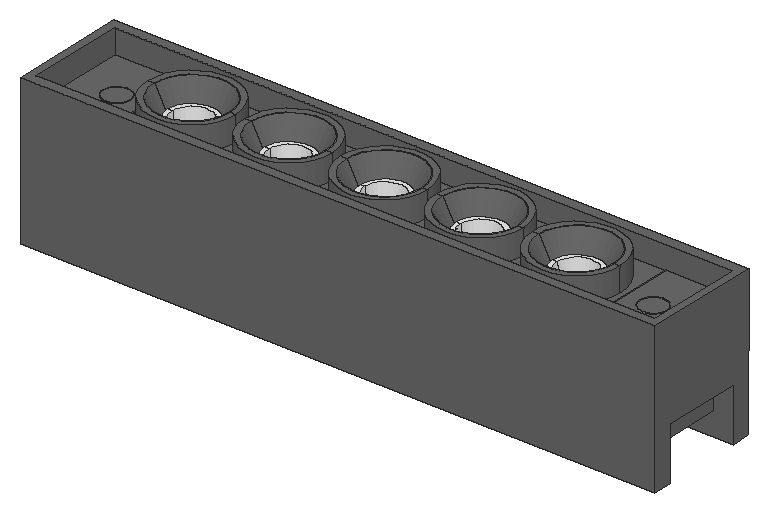
Revit family "ARKOSLIGHT_Black Foster micro 24V", category Lighting Fixtures, host Face, Revit 2019
Family settings
  Host = Face
  Round Connector Dimension = Use Diameter
  Part Type = Normal
  Cut with Voids When Loaded = No
  Light Source = No
  Shared = No
  Room Calculation Point = No
Parameters (values of type "A4152010N - BLACK FOSTER MICRO 24V 5 2700K N")
  URL = "https://www.arkoslight.com/en/product/bfm24v-es/bfm24v1-es/"
  Model = ARKOSLIGHT_Model  # "MINIMAL TRACK"
  Manufacturer = "ARKOSLIGHT"  # constant formula
  IES = IES : A4152010N - BLACK FOSTER MICRO 24V 5 2700K N
  Description = "Not valid for Minimal Track 24V Trimless"
  ARKOSLIGHT_Wattage = 7.8 W
  ARKOSLIGHT_Lampshade_color = ARKOSLIGHT_Black
  ARKOSLIGHT_IP = "20"
  ARKOSLIGHT_Series = "BLACK FOSTER MICRO 24V"  # constant formula
  ARKOSLIGHT_Dimming = "No Dim"
  ARKOSLIGHT_Model = "MINIMAL TRACK"  # constant formula
  ARKOSLIGHT_Reference = "A4152010N"
  ARKOSLIGHT_Luminous flux = 775 lm
  ARKOSLIGHT_IES = "A4152010 BLACK FOSTER MICRO 24V 5 2700K CRI90.ies"
  ARKOSLIGHT_Color = "Matt black"
  ARKOSLIGHT_Fixture Type = "TRACKLIGHTS"  # constant formula
  ARKOSLIGHT_Efficiency = "87%"
  ARKOSLIGHT_CCT = 2700 K
  ARKOSLIGHT_CRI = "CRI>90"
  ARKOSLIGHT_Beam Angle = 37.00°
  ARKOSLIGHT_Body Color = ARKOSLIGHT_Matt black
  Default Elevation = 0 mm
  Apparent Load = ARKOSLIGHT_Apparent Load  # 7 VA
  ARKOSLIGHT_Apparent Load = 7 VA
Types (3, lengths in mm): name | IES | ARKOSLIGHT_Reference | ARKOSLIGHT_Luminous flux | ARKOSLIGHT_IES | ARKOSLIGHT_CCT
  A4152010N - BLACK FOSTER MICRO 24V 5 2700K N | IES : A4152010N - BLACK FOSTER MICRO 24V 5 2700K N | "A4152010N" | 775 lm | "A4152010 BLACK FOSTER MICRO 24V 5 2700K CRI90.ies" | 2700 K
  A4152011N - BLACK FOSTER MICRO 24V 5 3000K N | IES : A4152011N - BLACK FOSTER MICRO 24V 5 3000K N | "A4152011N" | 800 lm | "A4152011 BLACK FOSTER MICRO 24V 5 3000K CRI90.ies" | 3000 K
  A4152012N - BLACK FOSTER MICRO 24V 5 4000K N | IES : A4152012N - BLACK FOSTER MICRO 24V 5 4000K N | "A4152012N" | 850 lm | "A4152012 BLACK FOSTER MICRO 24V 5 4000K CRI90.ies" | 4000 K
Reference planes
  plane 1 "Center (Front/Back)": y = 0
  plane 2: z = 0
  plane 3 "Center (Left/Right)": x = 59.5
  plane 4: x = 119
  plane 5: x = 0
  plane 6: y = 11
  plane 7: y = -11
  plane 8: z = 22
  plane 9: z = 7
  plane 10: z = -6
Forms (mm)
  Extrusion 1, solid, material "ARKOSLIGHT_Black"
    sketch origin (59.5, 0, 0) x (0, 1, 0) y (0, 0, 1)
      loop
        line (-5, 0) -> (5, 0) -> (5, 4) -> (7.5, 4) -> (7.5, 7) -> (-7.5, 7) -> (-7.5, 4) -> (-5, 4) -> (-5, 0)
    from -57.466 to 57.65
  Extrusion 2, solid, material "ARKOSLIGHT_Matt black" <- "ARKOSLIGHT_Body Color"
    sketch origin (119, -221.408, 1212.668) x (0, -1, 0) y (0, 0, 1)
      loop
        line (-232.408, -1190.668) -> (-232.408, -1208.668) -> (-210.408, -1208.668) -> (-210.408, -1190.668) -> (-232.408, -1190.668)
    from 0 to 1.3
  Extrusion 3, solid, material "ARKOSLIGHT_Matt black" <- "ARKOSLIGHT_Body Color"
    sketch origin (-186.022, -4572, 22) x (-1, 0, 0) y (0, -1, 0)
      loop
        line (-303.722, -4581.289) -> (-290.872, -4581.289) -> (-290.872, -4562.722) -> (-303.722, -4562.722) -> (-303.722, -4581.289)
      loop
        circle (-295.975, -4572) r 2.5
    from -4.5 to -5.3
  Extrusion 4, solid, material "ARKOSLIGHT_Matt black" <- "ARKOSLIGHT_Body Color"
    sketch origin (-186.022, -4572, 22) x (-1, 0, 0) y (0, -1, 0)
      loop
        circle (-295.975, -4572) r 2.5
    from -4.5 to -5.3
  Extrusion 5, solid, material "ARKOSLIGHT_Matt black" <- "ARKOSLIGHT_Body Color"
    sketch origin (0, -221.408, 1212.668) x (0, -1, 0) y (0, 0, -1)
      loop
        line (-232.408, 1190.668) -> (-210.408, 1190.668) -> (-210.408, 1208.668) -> (-232.408, 1208.668) -> (-232.408, 1190.668)
    from 0 to 1.526
  Extrusion 6, solid, material "ARKOSLIGHT_Matt black" <- "ARKOSLIGHT_Body Color"
    sketch origin (436.021, -4572, 22) x (1, 0, 0) y (0, 1, 0)
      loop
        line (-434.496, 4581.3) -> (-434.496, 4562.7) -> (-421.646, 4562.7) -> (-421.646, 4581.3) -> (-434.496, 4581.3)
      loop
        circle (-426.799, 4572) r 2.5
    from -4.5 to -5.3
  Extrusion 7, solid, material "ARKOSLIGHT_Matt black" <- "ARKOSLIGHT_Body Color"
    sketch origin (436.021, -4572, 22) x (1, 0, 0) y (0, 1, 0)
      loop
        circle (-426.799, 4572) r 2.5
    from -4.5 to -5.3
  Extrusion 8, solid, material "ARKOSLIGHT_Matt black" <- "ARKOSLIGHT_Body Color"
    sketch origin (59.5, 0, 0) x (0, 1, 0) y (0, 0, 1)
      loop
        line (11, 22) -> (9.3, 22) -> (9.3, 9.134) -> (7.5, 9.134) -> (7.5, -6) -> (11, -6) -> (11, 22)
    from -59.5 to 59.5
  Extrusion 9, solid, material "ARKOSLIGHT_Matt black" <- "ARKOSLIGHT_Body Color"
    sketch origin (59.5, 0, 0) x (0, -1, 0) y (0, 0, -1)
      loop
        line (11, -22) -> (11, 6) -> (7.5, 6) -> (7.5, -9.134) -> (9.3, -9.134) -> (9.3, -22) -> (11, -22)
    from -59.5 to 59.5
  Extrusion 10, solid, material "ARKOSLIGHT_Matt black" <- "ARKOSLIGHT_Body Color"
    sketch origin (0, 0, 0) x (1, 0, 0) y (0, 1, 0)
      loop
        line (14.375, 9.3) -> (14.375, -9.278) -> (104.85, -9.278) -> (104.85, 9.3) -> (14.375, 9.3)
    from 16.7 to 17.5
  Extrusion 11, solid, material "ARKOSLIGHT_Light"
    sketch origin (-120.254, -4572, 22.508) x (-1, 0, 0) y (0, -1, 0)
      loop
        circle (-215.84, -4572) r 1.6
    from -11.574 to -10.774
  Extrusion 12, void
    sketch origin (-119.902, -4572, 22.508) x (0, -1, 0) y (-1, 0, 0)
      loop
        circle (-4572, -197.397) r 8.2
    from 13.729 to 0
  Revolve 13, solid, material "ARKOSLIGHT_Black" <- "ARKOSLIGHT_Lampshade_color"
    sketch origin (59.148, 0, 21.532) x (1, 0, 0) y (0, 0, 1)
      loop
        line (44.613, 0.468) -> (43.471, 0.468) -> (44.203, -0.264) -> (41.94, -4.521) -> (41.121, -4.521) -> (41.121, -7.091) -> (44.613, -7.091) -> (44.613, 0.468)
      axis (36.438, -7.091) -> (36.438, 0.468)
    angle from 0 to 360
  Revolve 14, solid, material "ARKOSLIGHT_Black" <- "ARKOSLIGHT_Lampshade_color"
    sketch origin (59.148, 0, 21.532) x (1, 0, 0) y (0, 0, 1)
      loop
        line (43.471, 0.468) -> (40.819, -4.521) -> (41.94, -4.521) -> (44.203, -0.264) -> (43.471, 0.468)
      axis (36.438, -4.521) -> (36.438, 0.468)
    angle from 0 to 360
  Revolve 15, solid, material "ARKOSLIGHT_Light"
    sketch origin (59.148, 0, 21.532) x (1, 0, 0) y (0, 0, 1)
      loop
        line (38.038, -9.798) -> (38.038, -10.598) -> (36.438, -10.598) -> (36.438, -11.398) -> (38.724, -11.398) -> (38.724, -10.21)
        arc (38.724, -10.21) -> (40.304, -6.767) -> (40.869, -3.021) r 13.562
        line (40.869, -3.021) -> (40.069, -3.021)
        arc (40.069, -3.021) -> (39.533, -6.553) -> (38.038, -9.798) r 12.762
      axis (36.438, -11.398) -> (36.438, -3.021)
    angle from 0 to 360
  Revolve 16, solid, material "ARKOSLIGHT_Black" <- "ARKOSLIGHT_Lampshade_color"
    sketch origin (41.057, 0, 21.532) x (1, 0, 0) y (0, 0, 1)
      loop
        line (44.613, 0.468) -> (43.471, 0.468) -> (44.203, -0.264) -> (41.94, -4.521) -> (41.121, -4.521) -> (41.121, -7.091) -> (44.613, -7.091) -> (44.613, 0.468)
      axis (36.438, -7.091) -> (36.438, 0.468)
    angle from 0 to 360
  Revolve 17, solid, material "ARKOSLIGHT_Black" <- "ARKOSLIGHT_Lampshade_color"
    sketch origin (41.057, 0, 21.532) x (1, 0, 0) y (0, 0, 1)
      loop
        line (43.471, 0.468) -> (40.819, -4.521) -> (41.94, -4.521) -> (44.203, -0.264) -> (43.471, 0.468)
      axis (36.438, -4.521) -> (36.438, 0.468)
    angle from 0 to 360
  Revolve 18, solid, material "ARKOSLIGHT_Light"
    sketch origin (41.057, 0, 21.532) x (1, 0, 0) y (0, 0, 1)
      loop
        line (38.038, -9.798) -> (38.038, -10.598) -> (36.438, -10.598) -> (36.438, -11.398) -> (38.724, -11.398) -> (38.724, -10.21)
        arc (38.724, -10.21) -> (40.304, -6.767) -> (40.869, -3.021) r 13.562
        line (40.869, -3.021) -> (40.069, -3.021)
        arc (40.069, -3.021) -> (39.533, -6.553) -> (38.038, -9.798) r 12.762
      axis (36.438, -11.398) -> (36.438, -3.021)
    angle from 0 to 360
  Revolve 19, solid, material "ARKOSLIGHT_Black" <- "ARKOSLIGHT_Lampshade_color"
    sketch origin (23.061, 0, 21.532) x (1, 0, 0) y (0, 0, 1)
      loop
        line (44.613, 0.468) -> (43.471, 0.468) -> (44.203, -0.264) -> (41.94, -4.521) -> (41.121, -4.521) -> (41.121, -7.091) -> (44.613, -7.091) -> (44.613, 0.468)
      axis (36.438, -7.091) -> (36.438, 0.468)
    angle from 0 to 360
  Revolve 20, solid, material "ARKOSLIGHT_Black" <- "ARKOSLIGHT_Lampshade_color"
    sketch origin (23.061, 0, 21.532) x (1, 0, 0) y (0, 0, 1)
      loop
        line (43.471, 0.468) -> (40.819, -4.521) -> (41.94, -4.521) -> (44.203, -0.264) -> (43.471, 0.468)
      axis (36.438, -4.521) -> (36.438, 0.468)
    angle from 0 to 360
  Revolve 21, solid, material "ARKOSLIGHT_Light"
    sketch origin (23.061, 0, 21.532) x (1, 0, 0) y (0, 0, 1)
      loop
        line (38.038, -9.798) -> (38.038, -10.598) -> (36.438, -10.598) -> (36.438, -11.398) -> (38.724, -11.398) -> (38.724, -10.21)
        arc (38.724, -10.21) -> (40.304, -6.767) -> (40.869, -3.021) r 13.562
        line (40.869, -3.021) -> (40.069, -3.021)
        arc (40.069, -3.021) -> (39.533, -6.553) -> (38.038, -9.798) r 12.762
      axis (36.438, -11.398) -> (36.438, -3.021)
    angle from 0 to 360
  Revolve 22, solid, material "ARKOSLIGHT_Black" <- "ARKOSLIGHT_Lampshade_color"
    sketch origin (5.142, 0, 21.532) x (1, 0, 0) y (0, 0, 1)
      loop
        line (44.613, 0.468) -> (43.471, 0.468) -> (44.203, -0.264) -> (41.94, -4.521) -> (41.121, -4.521) -> (41.121, -7.091) -> (44.613, -7.091) -> (44.613, 0.468)
      axis (36.438, -7.091) -> (36.438, 0.468)
    angle from 0 to 360
  Revolve 23, solid, material "ARKOSLIGHT_Black" <- "ARKOSLIGHT_Lampshade_color"
    sketch origin (5.142, 0, 21.532) x (1, 0, 0) y (0, 0, 1)
      loop
        line (43.471, 0.468) -> (40.819, -4.521) -> (41.94, -4.521) -> (44.203, -0.264) -> (43.471, 0.468)
      axis (36.438, -4.521) -> (36.438, 0.468)
    angle from 0 to 360
  Revolve 24, solid, material "ARKOSLIGHT_Light"
    sketch origin (5.142, 0, 21.532) x (1, 0, 0) y (0, 0, 1)
      loop
        line (38.038, -9.798) -> (38.038, -10.598) -> (36.438, -10.598) -> (36.438, -11.398) -> (38.724, -11.398) -> (38.724, -10.21)
        arc (38.724, -10.21) -> (40.304, -6.767) -> (40.869, -3.021) r 13.562
        line (40.869, -3.021) -> (40.069, -3.021)
        arc (40.069, -3.021) -> (39.533, -6.553) -> (38.038, -9.798) r 12.762
      axis (36.438, -11.398) -> (36.438, -3.021)
    angle from 0 to 360
  Revolve 25, solid, material "ARKOSLIGHT_Black" <- "ARKOSLIGHT_Lampshade_color"
    sketch origin (-13.046, 0, 21.532) x (1, 0, 0) y (0, 0, 1)
      loop
        line (44.613, 0.468) -> (43.471, 0.468) -> (44.203, -0.264) -> (41.94, -4.521) -> (41.121, -4.521) -> (41.121, -7.091) -> (44.613, -7.091) -> (44.613, 0.468)
      axis (36.438, -7.091) -> (36.438, 0.468)
    angle from 0 to 360
  Revolve 26, solid, material "ARKOSLIGHT_Black" <- "ARKOSLIGHT_Lampshade_color"
    sketch origin (-13.046, 0, 21.532) x (1, 0, 0) y (0, 0, 1)
      loop
        line (43.471, 0.468) -> (40.819, -4.521) -> (41.94, -4.521) -> (44.203, -0.264) -> (43.471, 0.468)
      axis (36.438, -4.521) -> (36.438, 0.468)
    angle from 0 to 360
  Revolve 27, solid, material "ARKOSLIGHT_Light"
    sketch origin (-13.046, 0, 21.532) x (1, 0, 0) y (0, 0, 1)
      loop
        line (38.038, -9.798) -> (38.038, -10.598) -> (36.438, -10.598) -> (36.438, -11.398) -> (38.724, -11.398) -> (38.724, -10.21)
        arc (38.724, -10.21) -> (40.304, -6.767) -> (40.869, -3.021) r 13.562
        line (40.869, -3.021) -> (40.069, -3.021)
        arc (40.069, -3.021) -> (39.533, -6.553) -> (38.038, -9.798) r 12.762
      axis (36.438, -11.398) -> (36.438, -3.021)
    angle from 0 to 360
  Extrusion 28, solid, material "ARKOSLIGHT_Light"
    sketch origin (-138.345, -4572, 22.508) x (-1, 0, 0) y (0, -1, 0)
      loop
        circle (-215.84, -4572) r 1.6
    from -11.574 to -10.774
  Extrusion 29, solid, material "ARKOSLIGHT_Light"
    sketch origin (-156.341, -4572, 22.508) x (-1, 0, 0) y (0, -1, 0)
      loop
        circle (-215.84, -4572) r 1.6
    from -11.574 to -10.774
  Extrusion 30, solid, material "ARKOSLIGHT_Light"
    sketch origin (-174.261, -4572, 22.508) x (-1, 0, 0) y (0, -1, 0)
      loop
        circle (-215.84, -4572) r 1.6
    from -11.574 to -10.774
  Extrusion 31, solid, material "ARKOSLIGHT_Light"
    sketch origin (-192.448, -4572, 22.508) x (-1, 0, 0) y (0, -1, 0)
      loop
        circle (-215.84, -4572) r 1.6
    from -11.574 to -10.774
  Extrusion 32, void
    sketch origin (-101.81, -4572, 22.508) x (0, -1, 0) y (-1, 0, 0)
      loop
        circle (-4572, -197.397) r 8.2
    from 13.729 to 0
  Extrusion 33, void
    sketch origin (-137.785, -4572, 22.508) x (0, -1, 0) y (-1, 0, 0)
      loop
        circle (-4572, -197.285) r 8.2
    from 13.729 to 0
  Extrusion 34, void
    sketch origin (-155.817, -4572, 22.508) x (0, -1, 0) y (-1, 0, 0)
      loop
        circle (-4572, -197.397) r 8.2
    from 13.729 to 0
  Extrusion 35, void
    sketch origin (-174.005, -4572, 22.508) x (0, -1, 0) y (-1, 0, 0)
      loop
        circle (-4572, -197.397) r 8.181
    from 13.729 to 0
Cuts and joins
  joined: Extrusion 2, Extrusion 3, Extrusion 5, Extrusion 6, Extrusion 8, Extrusion 9
  Extrusion 12, Extrusion 32, Extrusion 33, Extrusion 34, Extrusion 35 cuts Extrusion 10
  Extrusion 32 cuts Revolve 16
  Extrusion 32 cuts Revolve 17
  Extrusion 32 cuts Revolve 18
  Extrusion 32 cuts Extrusion 28
  Extrusion 33 cuts Extrusion 11
  Extrusion 33 cuts Revolve 13
  Extrusion 33 cuts Revolve 14
  Extrusion 33 cuts Revolve 15
  Extrusion 34 cuts Revolve 19
  Extrusion 34 cuts Revolve 20
  Extrusion 34 cuts Revolve 21
  Extrusion 34 cuts Extrusion 29
  Extrusion 35 cuts Revolve 22
  Extrusion 35 cuts Revolve 23
  Extrusion 35 cuts Revolve 24
  Extrusion 35 cuts Extrusion 30
Dimensions and locks
  locked: plane 5 to plane 4 at 119
  equal spacing: plane 6, plane 1 "Center (Front/Back)", plane 7
  locked: plane 6 to plane 7 at 22
  locked: plane 8 to plane 10 at 28
  equal spacing: plane 5, plane 3 "Center (Left/Right)", plane 4
  locked: plane 9 to plane 2 at 7
  equal spacing: Extrusion 1 sketch curve, plane 1 "Center (Front/Back)", Extrusion 1 sketch curve  (x2)
  locked: Extrusion 1 sketch curve to Extrusion 1 sketch curve at 15
  locked: Extrusion 1 sketch curve to Extrusion 1 sketch curve at 10
  locked: plane 2 to plane 10 at 6
  locked: plane 9 to Extrusion 2 sketch curve at 3
  Extrusion 1 sketch curve to Extrusion 1 sketch curve to Extrusion 1 sketch curve = 4 mm, 3 mm
  aligned and locked: plane 2 to host face
  aligned and locked: level to host face
  aligned and locked: Extrusion 1 sketch curve to Extrusion 1 sketch curve
  aligned and locked: plane 8 to Extrusion 2 sketch curve
  aligned and locked: plane 7 to Extrusion 2 sketch curve
  aligned and locked: plane 6 to Extrusion 2 sketch curve
  aligned and locked: Extrusion 2 to Extrusion 3 sketch curve
  aligned and locked: plane 1 "Center (Front/Back)" to Extrusion 3 sketch curve
  aligned and locked: Extrusion 5 to Extrusion 6 sketch curve
  aligned and locked: plane 6 to Extrusion 5
  aligned and locked: Extrusion 5 to plane 7
  aligned and locked: plane 8 to Extrusion 8 sketch curve
  aligned and locked: plane 6 to Extrusion 8 sketch curve
  aligned and locked: Extrusion 9 to plane 5
  aligned and locked: Extrusion 9 to plane 4
  aligned and locked: Extrusion 8 to plane 4
  aligned and locked: Extrusion 8 to plane 5
  aligned and locked: Extrusion 6 to Extrusion 8
  aligned and locked: Extrusion 6 to Extrusion 9
  aligned and locked: cut or joined group of Extrusion 2, Extrusion 3, Extrusion 5, Extrusion 6, Extrusion 8, Extrusion 9 to Extrusion 10 sketch curve  (x2)
  aligned and locked: Extrusion 10 sketch curve to cut or joined group of Extrusion 2, Extrusion 3, Extrusion 5, Extrusion 6, Extrusion 8, Extrusion 9  (x2)
  aligned and locked: Extrusion 10 to Extrusion 4
  aligned and locked: Extrusion 4 to Extrusion 10
  aligned and locked: plane 3 "Center (Left/Right)" to Extrusion 33 sketch curve
  aligned and locked: plane 1 "Center (Front/Back)" to Extrusion 33 sketch curve
Automatic sketch dimensions
  host sketch curve to host sketch curve = 2438.4 mm  (x2)
  Extrusion 1 sketch curve to level = 0 mm
  plane 4 to Extrusion 3 sketch curve = 9.047 mm
  plane 7 to Extrusion 3 sketch curve = 1.722 mm
  Extrusion 3 sketch curve to Extrusion 3 sketch curve = 5.103 mm
  Extrusion 3 sketch curve to plane 6 = 1.711 mm
  plane 1 "Center (Front/Back)" to Extrusion 4 sketch curve = 0 mm
  plane 4 to Extrusion 4 sketch curve = 9.047 mm
  Extrusion 5 sketch curve to plane 6 = 0 mm
  Extrusion 5 sketch curve to plane 7 = 0 mm
  Extrusion 5 sketch curve to plane 8 = 0 mm
  Extrusion 5 sketch curve to plane 9 = 3 mm
  plane 1 "Center (Front/Back)" to Extrusion 6 sketch curve = 0 mm
  plane 5 to Extrusion 6 sketch curve = 9.223 mm
  plane 7 to Extrusion 6 sketch curve = 1.7 mm
  Extrusion 6 sketch curve to Extrusion 6 sketch curve = 5.153 mm
  Extrusion 6 sketch curve to plane 6 = 1.7 mm
  plane 1 "Center (Front/Back)" to Extrusion 7 sketch curve = 0 mm
  plane 5 to Extrusion 7 sketch curve = 9.223 mm
  Extrusion 8 sketch curve to plane 10 = 0 mm
  Extrusion 8 sketch curve to plane 6 = 1.7 mm
  Extrusion 8 sketch curve to plane 6 = 3.5 mm
  plane 9 to Extrusion 8 sketch curve = 2.134 mm
  Extrusion 9 sketch curve to plane 10 = 0 mm
  Extrusion 9 sketch curve to plane 8 = 0 mm
  Extrusion 9 sketch curve to plane 7 = 0 mm
  Extrusion 9 sketch curve to Extrusion 9 sketch curve = 1.7 mm
  Extrusion 9 sketch curve to Extrusion 9 sketch curve = 3.5 mm
  Extrusion 9 sketch curve to plane 9 = 2.134 mm
  plane 1 "Center (Front/Back)" to Extrusion 11 sketch curve = 0 mm
  plane 4 to Extrusion 11 sketch curve = 23.413 mm
  plane 1 "Center (Front/Back)" to Extrusion 12 sketch curve = 0 mm
  plane 3 "Center (Left/Right)" to Extrusion 12 sketch curve = 17.995 mm
  Revolve 13 sketch curve to plane 8 = 0 mm
  Revolve 13 sketch curve to plane 8 = 4.989 mm
  plane 4 to Revolve 13 sketch curve = 18.73 mm
  Revolve 13 sketch curve to Revolve 13 sketch curve = 0.819 mm
  Revolve 13 sketch curve to Revolve 13 sketch curve = 1.531 mm
  Revolve 13 sketch curve to plane 8 = 0.732 mm
  Revolve 13 sketch curve to Revolve 13 sketch curve = 0.732 mm
  Revolve 13 sketch curve to Revolve 13 sketch curve = 3.492 mm
  Revolve 13 sketch curve to Revolve 13 sketch curve = 2.57 mm
  Revolve 13 sketch curve to Revolve 13 sketch curve = 4.683 mm
  plane 9 to Revolve 13 sketch curve = 3.498 mm
  plane 8 to Revolve 13 sketch curve = 42.776 mm
  Revolve 14 sketch curve to plane 8 = 0 mm
  Revolve 14 sketch curve to plane 8 = 4.989 mm
  plane 4 to Revolve 14 sketch curve = 19.033 mm
  Revolve 14 sketch curve to Revolve 14 sketch curve = 1.121 mm
  Revolve 14 sketch curve to Revolve 14 sketch curve = 1.531 mm
  Revolve 14 sketch curve to plane 8 = 0.732 mm
  Revolve 14 sketch curve to Revolve 14 sketch curve = 0.732 mm
  plane 9 to Revolve 14 sketch curve = 3.498 mm
  Revolve 14 sketch curve to Revolve 14 sketch curve = 4.38 mm
  plane 8 to Revolve 14 sketch curve = 42.776 mm
  Revolve 15 sketch curve to Revolve 15 sketch curve = 0 mm  (x2)
  Revolve 15 sketch curve to plane 8 = 3.358 mm
  plane 3 "Center (Left/Right)" to Revolve 15 sketch curve = 26.956 mm
  plane 9 to Revolve 15 sketch curve = 3.934 mm
  Revolve 15 sketch curve to Revolve 15 sketch curve = 9.131 mm
  Revolve 15 sketch curve to Revolve 15 sketch curve = 1.6 mm
  Revolve 15 sketch curve to Revolve 15 sketch curve = 0.686 mm
  Revolve 15 sketch curve to plane 8 = 3.489 mm
  Revolve 15 sketch curve to Revolve 15 sketch curve = 2.031 mm
  Revolve 15 sketch curve to Revolve 15 sketch curve = 0.8 mm  (x2)
  plane 4 to Revolve 15 sketch curve = 23.413 mm
  Revolve 15 sketch curve to Revolve 15 sketch curve = 0.364 mm
  plane 8 to Revolve 15 sketch curve = 45.488 mm
  Revolve 16 sketch curve to plane 8 = 0 mm
  Revolve 16 sketch curve to plane 8 = 4.989 mm
  plane 3 "Center (Left/Right)" to Revolve 16 sketch curve = 22.678 mm
  Revolve 16 sketch curve to Revolve 16 sketch curve = 0.819 mm
  Revolve 16 sketch curve to Revolve 16 sketch curve = 1.531 mm
  Revolve 16 sketch curve to plane 8 = 0.732 mm
  Revolve 16 sketch curve to Revolve 16 sketch curve = 0.732 mm
  Revolve 16 sketch curve to Revolve 16 sketch curve = 3.492 mm
  Revolve 16 sketch curve to Revolve 16 sketch curve = 2.57 mm
  Revolve 16 sketch curve to Revolve 16 sketch curve = 4.683 mm
  plane 9 to Revolve 16 sketch curve = 3.498 mm
  plane 8 to Revolve 16 sketch curve = 42.776 mm
  Revolve 17 sketch curve to plane 8 = 0 mm
  Revolve 17 sketch curve to plane 8 = 4.989 mm
  plane 3 "Center (Left/Right)" to Revolve 17 sketch curve = 22.376 mm
  Revolve 17 sketch curve to Revolve 17 sketch curve = 1.121 mm
  Revolve 17 sketch curve to Revolve 17 sketch curve = 1.531 mm
  Revolve 17 sketch curve to plane 8 = 0.732 mm
  Revolve 17 sketch curve to Revolve 17 sketch curve = 0.732 mm
  plane 9 to Revolve 17 sketch curve = 3.498 mm
  Revolve 17 sketch curve to Revolve 17 sketch curve = 4.38 mm
  plane 8 to Revolve 17 sketch curve = 42.776 mm
  Revolve 18 sketch curve to Revolve 18 sketch curve = 0 mm  (x2)
  Revolve 18 sketch curve to plane 8 = 3.358 mm
  plane 3 "Center (Left/Right)" to Revolve 18 sketch curve = 8.865 mm
  plane 9 to Revolve 18 sketch curve = 3.934 mm
  Revolve 18 sketch curve to Revolve 18 sketch curve = 9.131 mm
  Revolve 18 sketch curve to Revolve 18 sketch curve = 1.6 mm
  Revolve 18 sketch curve to Revolve 18 sketch curve = 0.686 mm
  Revolve 18 sketch curve to plane 8 = 3.489 mm
  Revolve 18 sketch curve to Revolve 18 sketch curve = 2.031 mm
  Revolve 18 sketch curve to Revolve 18 sketch curve = 0.8 mm  (x2)
  plane 3 "Center (Left/Right)" to Revolve 18 sketch curve = 17.995 mm
  Revolve 18 sketch curve to Revolve 18 sketch curve = 0.364 mm
  plane 8 to Revolve 18 sketch curve = 45.488 mm
  Revolve 19 sketch curve to plane 8 = 0 mm
  plane 3 "Center (Left/Right)" to Revolve 19 sketch curve = 4.683 mm
  Revolve 19 sketch curve to Revolve 19 sketch curve = 0.819 mm
  Revolve 19 sketch curve to Revolve 19 sketch curve = 1.531 mm
  Revolve 19 sketch curve to plane 8 = 0.732 mm
  Revolve 19 sketch curve to Revolve 19 sketch curve = 0.732 mm
  Revolve 19 sketch curve to Revolve 19 sketch curve = 3.492 mm
  Revolve 19 sketch curve to Revolve 19 sketch curve = 4.257 mm
  Revolve 19 sketch curve to Revolve 19 sketch curve = 2.57 mm
  plane 3 "Center (Left/Right)" to Revolve 19 sketch curve = 0 mm
  plane 9 to Revolve 19 sketch curve = 3.498 mm
  plane 8 to Revolve 19 sketch curve = 42.776 mm
  Revolve 20 sketch curve to plane 8 = 0 mm
  plane 3 "Center (Left/Right)" to Revolve 20 sketch curve = 4.38 mm
  Revolve 20 sketch curve to Revolve 20 sketch curve = 1.121 mm
  Revolve 20 sketch curve to Revolve 20 sketch curve = 1.531 mm
  Revolve 20 sketch curve to plane 8 = 0.732 mm
  Revolve 20 sketch curve to Revolve 20 sketch curve = 0.732 mm
  Revolve 20 sketch curve to plane 8 = 4.989 mm
  plane 3 "Center (Left/Right)" to Revolve 20 sketch curve = 0 mm
  plane 9 to Revolve 20 sketch curve = 3.498 mm
  plane 8 to Revolve 20 sketch curve = 42.776 mm
  Revolve 21 sketch curve to Revolve 21 sketch curve = 0 mm  (x2)
  Revolve 21 sketch curve to plane 8 = 3.358 mm
  Revolve 21 sketch curve to plane 3 "Center (Left/Right)" = 9.131 mm
  plane 3 "Center (Left/Right)" to Revolve 21 sketch curve = 0 mm  (x2)
  Revolve 21 sketch curve to Revolve 21 sketch curve = 1.6 mm
  Revolve 21 sketch curve to Revolve 21 sketch curve = 0.686 mm
  plane 3 "Center (Left/Right)" to Revolve 21 sketch curve = 3.631 mm
  Revolve 21 sketch curve to Revolve 21 sketch curve = 0.8 mm  (x3)
  Revolve 21 sketch curve to plane 8 = 3.489 mm
  Revolve 21 sketch curve to Revolve 21 sketch curve = 0.364 mm
  plane 8 to Revolve 21 sketch curve = 45.488 mm
  Revolve 22 sketch curve to plane 8 = 0 mm
  Revolve 22 sketch curve to plane 8 = 4.989 mm
  Revolve 22 sketch curve to plane 3 "Center (Left/Right)" = 13.237 mm
  Revolve 22 sketch curve to Revolve 22 sketch curve = 0.819 mm
  Revolve 22 sketch curve to Revolve 22 sketch curve = 1.531 mm
  Revolve 22 sketch curve to plane 8 = 0.732 mm
  Revolve 22 sketch curve to Revolve 22 sketch curve = 0.732 mm
  Revolve 22 sketch curve to Revolve 22 sketch curve = 3.492 mm
  Revolve 22 sketch curve to Revolve 22 sketch curve = 2.57 mm
  Revolve 22 sketch curve to Revolve 22 sketch curve = 4.683 mm
  plane 9 to Revolve 22 sketch curve = 3.498 mm
  plane 8 to Revolve 22 sketch curve = 42.776 mm
  Revolve 23 sketch curve to plane 8 = 0 mm
  Revolve 23 sketch curve to plane 8 = 4.989 mm
  Revolve 23 sketch curve to plane 3 "Center (Left/Right)" = 13.54 mm
  Revolve 23 sketch curve to Revolve 23 sketch curve = 1.121 mm
  Revolve 23 sketch curve to Revolve 23 sketch curve = 1.531 mm
  Revolve 23 sketch curve to plane 8 = 0.732 mm
  Revolve 23 sketch curve to Revolve 23 sketch curve = 0.732 mm
  plane 9 to Revolve 23 sketch curve = 3.498 mm
  Revolve 23 sketch curve to Revolve 23 sketch curve = 4.38 mm
  plane 8 to Revolve 23 sketch curve = 42.776 mm
  Revolve 24 sketch curve to Revolve 24 sketch curve = 0 mm  (x2)
  Revolve 24 sketch curve to plane 8 = 3.358 mm
  Revolve 24 sketch curve to plane 3 "Center (Left/Right)" = 27.05 mm
  plane 9 to Revolve 24 sketch curve = 3.934 mm
  Revolve 24 sketch curve to Revolve 24 sketch curve = 9.131 mm
  Revolve 24 sketch curve to Revolve 24 sketch curve = 1.6 mm
  Revolve 24 sketch curve to Revolve 24 sketch curve = 0.686 mm
  Revolve 24 sketch curve to plane 8 = 3.489 mm
  Revolve 24 sketch curve to Revolve 24 sketch curve = 2.031 mm
  Revolve 24 sketch curve to Revolve 24 sketch curve = 0.8 mm  (x2)
  Revolve 24 sketch curve to plane 3 "Center (Left/Right)" = 17.92 mm
  Revolve 24 sketch curve to Revolve 24 sketch curve = 0.364 mm
  plane 8 to Revolve 24 sketch curve = 45.488 mm
  Revolve 25 sketch curve to plane 8 = 0 mm
  Revolve 25 sketch curve to plane 8 = 4.989 mm
  plane 5 to Revolve 25 sketch curve = 28.075 mm
  Revolve 25 sketch curve to Revolve 25 sketch curve = 0.819 mm
  Revolve 25 sketch curve to Revolve 25 sketch curve = 1.531 mm
  Revolve 25 sketch curve to plane 8 = 0.732 mm
  Revolve 25 sketch curve to Revolve 25 sketch curve = 0.732 mm
  Revolve 25 sketch curve to Revolve 25 sketch curve = 3.492 mm
  Revolve 25 sketch curve to Revolve 25 sketch curve = 2.57 mm
  Revolve 25 sketch curve to Revolve 25 sketch curve = 4.683 mm
  plane 9 to Revolve 25 sketch curve = 3.498 mm
  plane 8 to Revolve 25 sketch curve = 42.776 mm
  Revolve 26 sketch curve to plane 8 = 0 mm
  Revolve 26 sketch curve to plane 8 = 4.989 mm
  plane 5 to Revolve 26 sketch curve = 27.773 mm
  Revolve 26 sketch curve to Revolve 26 sketch curve = 1.121 mm
  Revolve 26 sketch curve to Revolve 26 sketch curve = 1.531 mm
  Revolve 26 sketch curve to plane 8 = 0.732 mm
  Revolve 26 sketch curve to Revolve 26 sketch curve = 0.732 mm
  plane 9 to Revolve 26 sketch curve = 3.498 mm
  Revolve 26 sketch curve to Revolve 26 sketch curve = 4.38 mm
  plane 8 to Revolve 26 sketch curve = 42.776 mm
  Revolve 27 sketch curve to Revolve 27 sketch curve = 0 mm  (x2)
  Revolve 27 sketch curve to plane 8 = 3.358 mm
  plane 5 to Revolve 27 sketch curve = 14.262 mm
  plane 9 to Revolve 27 sketch curve = 3.934 mm
  Revolve 27 sketch curve to Revolve 27 sketch curve = 9.131 mm
  Revolve 27 sketch curve to Revolve 27 sketch curve = 1.6 mm
  Revolve 27 sketch curve to Revolve 27 sketch curve = 0.686 mm
  Revolve 27 sketch curve to plane 8 = 3.489 mm
  Revolve 27 sketch curve to Revolve 27 sketch curve = 2.031 mm
  Revolve 27 sketch curve to Revolve 27 sketch curve = 0.8 mm  (x2)
  plane 5 to Revolve 27 sketch curve = 23.392 mm
  Revolve 27 sketch curve to Revolve 27 sketch curve = 0.364 mm
  plane 8 to Revolve 27 sketch curve = 45.488 mm
  plane 1 "Center (Front/Back)" to Extrusion 28 sketch curve = 0 mm
  plane 3 "Center (Left/Right)" to Extrusion 28 sketch curve = 17.995 mm
  plane 1 "Center (Front/Back)" to Extrusion 29 sketch curve = 0 mm
  plane 3 "Center (Left/Right)" to Extrusion 29 sketch curve = 0 mm
  plane 1 "Center (Front/Back)" to Extrusion 30 sketch curve = 0 mm
  Extrusion 30 sketch curve to plane 3 "Center (Left/Right)" = 17.92 mm
  plane 1 "Center (Front/Back)" to Extrusion 31 sketch curve = 0 mm
  plane 5 to Extrusion 31 sketch curve = 23.392 mm
  plane 1 "Center (Front/Back)" to Extrusion 32 sketch curve = 0 mm
  plane 4 to Extrusion 32 sketch curve = 23.413 mm
  plane 1 "Center (Front/Back)" to Extrusion 34 sketch curve = 0 mm
  Extrusion 34 sketch curve to plane 3 "Center (Left/Right)" = 17.92 mm
  plane 1 "Center (Front/Back)" to Extrusion 35 sketch curve = 0 mm
  plane 5 to Extrusion 35 sketch curve = 23.392 mm
  radius of Extrusion 3 sketch curve = 2.5 mm
  radius of Extrusion 4 sketch curve = 2.5 mm
  radius of Extrusion 6 sketch curve = 2.5 mm
  radius of Extrusion 7 sketch curve = 2.5 mm
  radius of Extrusion 11 sketch curve = 1.6 mm
  radius of Extrusion 12 sketch curve = 8.2 mm
  radius of Extrusion 28 sketch curve = 1.6 mm
  radius of Extrusion 29 sketch curve = 1.6 mm
  radius of Extrusion 30 sketch curve = 1.6 mm
  radius of Extrusion 31 sketch curve = 1.6 mm
  radius of Extrusion 32 sketch curve = 8.2 mm
  radius of Extrusion 33 sketch curve = 8.2 mm
  radius of Extrusion 34 sketch curve = 8.2 mm
  radius of Extrusion 35 sketch curve = 8.181 mm
Nested families
  nested 1: "IES" at (-0.112, 0, 22), type <- "IES", type "A4152010N - BLACK FOSTER MICRO 24V 5 2700K N"
Connectors
  electrical at (0, 0, 0), driven by "Apparent Load"
    settings: on host face, index 1, voltage 230 V, apparent load 0 VA, apparent load phase1 7 VA, apparent load phase2 0 VA, apparent load phase3 0 VA, power factor 1, load classification "Lighting", number of poles 1, system type 31, power factor state 1, is connector primary yes, connector utility no, sub classification motor no, connector description ""
Definition of nested family "IES"
  Parameters (values of type "A4152011N - BLACK FOSTER MICRO 24V 5 3000K N")
    Wattage = 11.11 W
    built-in parameter 1150110 = 1 (stored number, unit not read)
    URL = "https://www.arkoslight.com/en/product/bfm24v-es/bfm24v1-es/"
    built-in parameter 1114217 = 1 (stored number, unit not read)
    Tilt Angle = 90.00°
    built-in parameter 1150109 = 1 (stored number, unit not read)
    built-in parameter 1150134 = 3
    built-in parameter 1150113 = 1 (stored number, unit not read)
    Photometric Web File = "A4152011 BLACK FOSTER MICRO 24V 5 3000K CRI90.ies"
    Model = ARKOSLIGHT_Model  # "MINIMAL TRACK"
    Manufacturer = "ARKOSLIGHT"  # constant formula
    built-in parameter 1150105 = 109.82 (stored number, unit not read)
    Lumens = 800 lm
    built-in parameter 1150115 = 1 (stored number, unit not read)
    built-in parameter 1150137 = (empty or 0)
    built-in parameter 1150139 = (empty or 0)
    built-in parameter 1150112 = 1 (stored number, unit not read)
    built-in parameter 1150114 = 1 (stored number, unit not read)
    built-in parameter 1150132 = (empty or 0)
    built-in parameter 1150102 = (empty or 0)
    built-in parameter 1150107 = 3000 (stored number, unit not read)
    built-in parameter 1150138 = (empty or 0)
    built-in parameter 1150106 = 1.0982 (stored number, unit not read)
    built-in parameter 1150104 = 13.8 (stored number, unit not read)
    Dimming Lamp Color Temperature Shift = (empty or 0)
    Color Filter = 16777215
    built-in parameter 1114218 = 1 (stored number, unit not read)
    built-in parameter 1150133 = 10 (stored number, unit not read)
    ARKOSLIGHT_Wattage = 11.11 W
    ARKOSLIGHT_IP = "20"
    ARKOSLIGHT_Series = "BLACK FOSTER MICRO 24V"  # constant formula
    ARKOSLIGHT_Dimming = "No Dim"
    ARKOSLIGHT_Model = "MINIMAL TRACK"  # constant formula
    ARKOSLIGHT_Reference = "A4152011N"
    ARKOSLIGHT_Luminous flux = 800 lm
    ARKOSLIGHT_IES = "A4152011 BLACK FOSTER MICRO 24V 5 3000K CRI90.ies"
    ARKOSLIGHT_Fixture Type = "TRACKLIGHTS"  # constant formula
    ARKOSLIGHT_Efficiency = "87%"
    ARKOSLIGHT_CCT = 3000 K
    ARKOSLIGHT_CRI = "CRI>90"
    ARKOSLIGHT_Beam Angle = 37.00°
    Default Elevation = 0 mm
    Apparent Load = ARKOSLIGHT_Apparent Load  # 7 VA
    ARKOSLIGHT_Apparent Load = 7 VA
  Types (3, lengths in mm): name | Photometric Web File | Lumens | built-in parameter 1150107 | ARKOSLIGHT_Reference | ARKOSLIGHT_Luminous flux | ARKOSLIGHT_IES | ARKOSLIGHT_CCT
    A4152010N - BLACK FOSTER MICRO 24V 5 2700K N | "A4152010 BLACK FOSTER MICRO 24V 5 2700K CRI90.ies" | 775 lm | 2700 (stored number, unit not read) | "A4152010N" | 775 lm | "A4152010 BLACK FOSTER MICRO 24V 5 2700K CRI90.ies" | 2700 K
    A4152011N - BLACK FOSTER MICRO 24V 5 3000K N | "A4152011 BLACK FOSTER MICRO 24V 5 3000K CRI90.ies" | 800 lm | 3000 (stored number, unit not read) | "A4152011N" | 800 lm | "A4152011 BLACK FOSTER MICRO 24V 5 3000K CRI90.ies" | 3000 K
    A4152012N - BLACK FOSTER MICRO 24V 5 4000K N | "A4152012 BLACK FOSTER MICRO 24V 5 4000K CRI90.ies" | 850 lm | 4000 (stored number, unit not read) | "A4152012N" | 850 lm | "A4152012 BLACK FOSTER MICRO 24V 5 4000K CRI90.ies" | 4000 K
  Reference planes
    plane 1 "Center (Front/Back)": y = 0
    plane 2: z = 0
    plane 3 "Center (Left/Right)": x = 59.5
  Forms (mm)
    Extrusion 1, solid
      sketch origin (0, 0, 0) x (1, 0, 0) y (0, 1, 0)
        loop
          line (-1219.2, 1219.2) -> (-1219.2, -1219.2) -> (1219.2, -1219.2) -> (1219.2, 1219.2) -> (-1219.2, 1219.2)
      from 0 to -304.8
  Dimensions and locks
    aligned and locked: plane 2 to Extrusion 1
    aligned and locked: level to Extrusion 1
